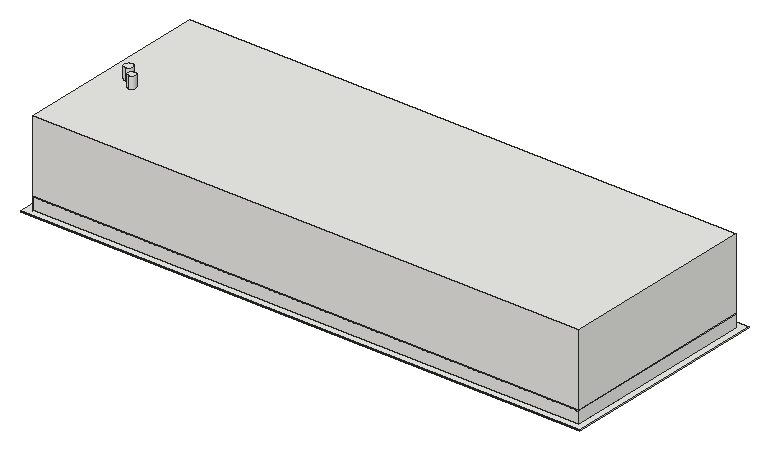
Revit family "AIRTECNICS_AIR CURTAIN_RECESSED WINDBOX_MG_DX_(MIDEA)_0", category Mechanical Equipment, Revit 2016
Family settings
  Part Type = Normal
  Round Connector Dimension = Use Diameter
  OmniClass Number = 23.75.70.21.17
  OmniClass Title = Air Curtains
  Work Plane-Based = No
  Always vertical = Yes
  Cut with Voids When Loaded = No
  Shared = No
  Room Calculation Point = No
Parameters (values of type "WINDBOX RECM 2000 DX16-MD")
  · PIPES POSITION · [instance] = "-/ Select Pipes Position /-"  # constant formula
  · OTHERS · [instance] = "-/ Select Supports - Inst.Maint. Space /-"  # constant formula
  · HEATING · = "-/ Heating /-"  # constant formula
  · EXTERNAL UNIT · [instance] = "-/ External Unit Type /-"  # constant formula
  · COIL ROWS · = "-/ DX Coil Rows /-"  # constant formula
  Weight [instance] = size_lookup(Name_Lookup_Data, "Weight", 1.00 kg, CM, CT, CH, CR)  # 122.00 kg
  WAn [instance] = 90.00°  # constant formula
  Voltage [instance] = 230 V  # constant formula
  URL_Manufacturer = "https://www.airtecnics.com"
  URL_Datasheet = "https://www.airtecnics.com/download/file/5882/recessed-windbox-dx-midea-1-1.pdf"
  Triple Phase (External Ut.) [instance] = yes
  Supports Length [instance] = 500.0 mm
  Supports (Horizontal) [instance] = no
  Single Phase (External Ut.) [instance] = not([Triple Phase (External Ut.)])  # no
  Revit Version = "Revit 2016 - English"  # constant formula
  Review Date = "11/18"  # constant formula
  Remote Control = "AIR-IR"  # constant formula
  Refrigerant Pipes_P4 [instance] = no
  Refrigerant Pipes_P3 [instance] = no
  Refrigerant Pipes_P2 [instance] = if(CW = 0, 1 = 1, 1 = 0)  # yes
  Refrigerant Pipes_P1 [instance] = no
  Product Size = if(CT = 2, "1000", if(CT = 4, "1500", if(CT = 8, "2000", if(CT = 16, "2500", if(CT = 32, "3000", "Consult Manufacturer")))))  # "2000"
  Product Reference [instance] = size_lookup(Name_Lookup_Ref, "", "Consult Manufacturer", CM, CT, CH, CR)  # "RECM 2000 DX16-MD"
  Product Heating [instance] = if(DX 1:1, "Direct Expansion 1:1 system", "Direct Expansion VRF system")  # "Direct Expansion 1:1 system"
  Product Description [instance] = size_lookup(Name_Lookup_Data, "", "Consult Manufacturer", CM, CT, CH, CR)  # "Energy saving heat pump air curtain: Up to 70% reduction in costs and CO2 emissions (heating mode).\r\nSelf-supporting casing construction made of galvanized steel plate, ready to be installed recessed in a false ceiling. \r\nInlet grille (free of maintenance) made with aluminium profiles and blow-out nozzle, integrated in a single white frame colour RAL 9016. Other colours are available on request.  Internal prefilter included.\r\nAnodized aluminium outlet vanes, airfoil shaped, adjustable in both directions.\r\nDouble-inlet centrifugal fans driven by an external rotor motor and low noise level. 5-speed selector. EC models assembled with very low consumption efficiency fans. \r\nIncludes only heating direct expansion coil with installed temperature sensors. Under request it can be modified to work in cooling and heating mode (not recomended) with optional condensate water pump.\r\nIncludes Plug&Play control with 7m RJ45 cable and infrared remote control. \r\nReady to connect to MIDEA Inverter outdoor heat pump unit (R410A) with expansion valve, not included, the customer should purchase it.\r\nRequires MIDEA DX Interface KIT adapted for air curtain and KJR-86C-E programmable control, please consult.\r\nAir Volume: 3280 m3/h \r\nFans:  0,284 kW  2,48 A 230Vx1 50/60Hz\r\nHeating capacity: 16,10 kW\r\nDimensions: 770x310x2050 mm (depth, height, length)\r\nNOT SUPPLIED BY AIRTÈCNICS:\r\nMIDEA Interface DX kit and KJR-86C-E programmable control.\r\nExternal unit:\r\nOption 1: MOD30U-48HFN1-QRD0\r\nExternal unit with direct expansion valve Midea, single phase motor 230Vx1 50Hz.\r\nHeating capacity 16,1kW. Heating power: 4,4kW. COP 3,65.\r\nCooling capacity 14,1kW. Cooling power 5,1kW. EER 2,76.\r\nCooling circuits 5/8\" - 3/8\".\r\nMaximum length 65m.\r\nDesnivell màxim 30m.\r\nOption 2: MOD30U-48HFN1-RRD0\r\nExternal unit with direct expansion valve Midea, triple phase motor 400Vx3 50Hz.\r\nHeating capacity 16,1kW. Heating power: 4,4kW. COP 3,65.\r\nCooling capacity 14,1kW. Cooling power 5,1kW. EER 2,76.\r\nCooling circuits 5/8\" - 3/8\".\r\nMaximum length 65m.\r\nDesnivell màxim 30m."
  Power Fans Factor [instance] = size_lookup(Name_Lookup_Data, "Power Fans Factor", 1, CM, CT, CH, CR)  # 0.5
  Power Fans [instance] = size_lookup(Name_Lookup_Data, "Power Fans", 1 kW, CM, CT, CH, CR)  # 0.284 kW
  Noise Level (dB(A)) [instance] = size_lookup(Name_Lookup_Data, "Noise Level (dB(A))", 1, CM, CT, CH, CR)  # 58
  Name_Lookup_Ref_EU = "R_WINDBOX_MG_(DX)_MD_Ref_EU_Lookup"  # constant formula
  Name_Lookup_Ref = "R_WINDBOX_MG_(DX)_MD_Ref_Lookup"  # constant formula
  Name_Lookup_Data3 = "R_WINDBOX_MG_(DX)_MD_ExpValve_Lookup"  # constant formula
  Name_Lookup_Data2 = "R_WINDBOX_MG_(DX)_MD_Mainfolds_Lookup"  # constant formula
  Name_Lookup_Data = "R_WINDBOX_MG_(DX)_MD_Data_Lookup"  # constant formula
  Material Inlet Grille [instance] = AIRTECNICS_White RAL 9016
  Material Curtain [instance] = AIRTECNICS_White RAL 9016
  Mainfolds [instance] = size_lookup(Name_Lookup_Data2, "", "Consult Manufacturer", CM, CT, CH, CR)  # "5/8 & 3/8"
  M = yes
  Li1 = 130.0 mm  # constant formula
  Length = if(CT = 2, 1050.0 mm, if(CT = 4, 1550.0 mm, if(CT = 8, 2050.0 mm, if(CT = 16, 2550.0 mm, L + 50.0 mm))))  # 2050.0 mm
  IfcExportType = "DXCOOLINGCOIL"  # constant formula
  IfcExportAs = "IfcCoilType"  # constant formula
  Height = 310.0 mm  # constant formula
  Heating Capacity [instance] = size_lookup(Name_Lookup_Data, "Heating Capacity", 1 kW, CM, CT, CH, CR)  # 16.1 kW
  Gas Coil Volume [instance] = size_lookup(Name_Lookup_Data, "Gas Coil Volume", 1.00 L, CM, CT, CH, CR)  # 3.10 L
  G = no
  Frequency = 50 Hz  # constant formula
  Fans Stage = 5  # constant formula
  Family Version = "1.0"  # constant formula
  External Ut. Reference [instance] = size_lookup(Name_Lookup_Ref_EU, "", "Consult Manufacturer", CM, CT, CH, CR, CEU)  # "MOD30U-48HFN1-RRD0"
  Expansion Valve [instance] = size_lookup(Name_Lookup_Data3, "", "Consult Manufacturer", CM, CT, CH, CR)  # "Included on External Unit"
  EC = yes
  Dn_Metric_Refrig_Liquid [instance] = size_lookup(Name_Lookup_Data2, "Dn_Liquid", 1 mm, CM, CT, CH, CR)  # 10 mm
  Dn_Metric_Refrig_Gas [instance] = size_lookup(Name_Lookup_Data2, "Dn_Gas", 1 mm, CM, CT, CH, CR)  # 16 mm
  Depth = 770.0 mm  # constant formula
  DX Kit [instance] = "Duct electronic Control Box"  # constant formula
  DX Controller [instance] = "KJR-86C-E"  # constant formula
  DX Coil Rows = 4 = no
  DX Coil Rows = 3 = not([DX Coil Rows = 4])  # yes
  DX Coil Rows [instance] = if(CR = 2, 4, if(CR = 4, 3, if(CR = 0, 2, 0)))  # 3
  DX 1:1 = yes
  Current Fans [instance] = size_lookup(Name_Lookup_Data, "Current Fans", 1 A, CM, CT, CH, CR)  # 2.48 A
  Created by = "BIMETRICAL"  # constant formula
  Control [instance] = "CD-5AW-IR"  # constant formula
  Capacity_Frig_Liquid [instance] = 0 m³/h
  Capacity_Frig_Gas [instance] = 0 m³/h
  Cable = "CB7"  # constant formula
  URL = "https://www.airtecnics.com/products/heat-pump-air-curtain-recessed-windbox-dx-for-midea"
  Model = "Air Curtain Recessed Windbox M,G DX MD"  # constant formula
  L = 2000.0 mm
  Type Image = <None>
  Manufacturer = "AIRTECNICS"  # constant formula
  Description = ""
  Type Comments = "Energy saving heat pump air curtain: Up to 70% reduction in costs and CO2 emissions (heating mode).\r\nSelf-supporting casing construction made of galvanized steel plate, ready to be installed recessed in a false ceiling. \r\nInlet grille (free of maintenance) made with aluminium profiles and blow-out nozzle, integrated in a single white frame colour RAL 9016. Other colours are available on request.  Internal prefilter included.\r\nAnodized aluminium outlet vanes, airfoil shaped, adjustable in both directions.\r\nDouble-inlet centrifugal fans driven by an external rotor motor and low noise level. 5-speed selector. EC models assembled with very low consumption efficiency fans. \r\nIncludes only heating direct expansion coil with installed temperature sensors. Under request it can be modified to work in cooling and heating mode (not recomended) with optional condensate water pump.\r\nIncludes Plug&Play control with 7m RJ45 cable and infrared remote control. \r\nReady to connect to MIDEA Inverter outdoor heat pump unit (R410A) with expansion valve, not included, the customer should purchase it.\r\nRequires  DX Interface KIT adapted for air curtain and  programmable control, please consult."  # constant formula
  CW [instance] = if(Refrigerant Pipes_P1, 2, 0) + if(Refrigerant Pipes_P3, 4, 0) + if(Refrigerant Pipes_P4, 8, 0)  # 0
  CT = if(L = 1000.0 mm, 2, 0) + if(L = 1500.0 mm, 4, 0) + if(L = 2000.0 mm, 8, 0) + if(L = 2500.0 mm, 16, 0) + if(L = 3000.0 mm, 32, 0)  # 8
  CR [instance] = if([DX Coil Rows = 4], 2, 0) + if([DX Coil Rows = 3], 4, 0)  # 4
  CM = if(M, 2, 0) + if(EC, 4, 0) + if(G, 8, 0)  # 6
  CH [instance] = 2  # constant formula
  CEU [instance] = if([Single Phase (External Ut.)], 2, 0) + if([Triple Phase (External Ut.)], 4, 0)  # 4
  BIMETRICAL Category = "Coil"  # constant formula
  BIMETRICAL = "http://www.bimetrical.com/"  # constant formula
  Aspiration/Maintenance Space [instance] = no
  Apparent Load [instance] = size_lookup(Name_Lookup_Data, "Apparent Load", 1 VA, CM, CT, CH, CR)  # 568 VA
  Airflow [instance] = size_lookup(Name_Lookup_Data, "Airflow", 1 m³/h, CM, CT, CH, CR)  # 3280 m³/h
Reference planes
  plane 1 "Centro (Frontal/Posterior)": z = 0
  plane 2: y = 246.57
  plane 3 "Centro (Izquierda/Derecha)": x = 0
Dimensions and locks
  nested 1 to plane 2 = 385.0 mm
Nested families
  nested 1: "GEOM_WINDBOX_P_RECESSED_DX" at (0, 130, 48), L <- "L", Support Length <- "Supports Length", Aspiration/Maintenance Space <- "Aspiration/Maintenance Space", CW <- "CW", Material Curtain <- "Material Curtain", Material Inlet Grille <- "Material Inlet Grille", ViHS <- "Supports (Horizontal)", type "Air curtain Recessed Windbox DX"
    with ViHSC no, ViHS no, Vi2 no, Vi1 yes, TI 9, Support Length 500.0 mm, Position Water pipes OUT connection "--------------------------------", Position Water pipes IN connection "--------------------------------", Material Inlet Grille AIRTECNICS_White RAL 9016, Material Curtain AIRTECNICS_White RAL 9016, LiS 760.0 mm, Li9 114.0 mm, Li8 0.0 mm, Li7 52.0 mm, Li6 720.0 mm, Li16 10.0 mm, Li15 10.0 mm, Li14 260.0 mm, Li13 76.0 mm, Li12 0.0 mm, Li11 85.0 mm, Li10 260.0 mm, L 2000.0 mm, D_Liquid 27.0 mm, D_Gas 31.0 mm, CW 0, Aspiration/Maintenance Space no, AnWCO 90.00°, AnWCI 90.00°
Connectors
  electrical at (859, 510.57, 308), driven by "Voltage", driven by "Apparent Load", driven by "Power Fans Factor", driven by "Apparent Load"
    settings: on nested 1, index 1, voltage 230 V, apparent load 568 VA, apparent load phase1 568 VA, apparent load phase2 0 VA, apparent load phase3 0 VA, power factor 0.5, load classification "HVAC", number of poles 1, system type 30, power factor state 1, is connector primary yes, connector utility no, sub classification motor no, connector description ""
  piping at (-924, 231.57, 348), diameter 16, driven by "Dn_Metric_Refrig_Gas", driven by "Capacity_Frig_Gas"
    settings: on nested 1, index 2, connector inside diameter 609.6 mm, connector length 0.0 mm, flow factor 0, pipe flow 0 m³/h, pressure drop 0.0 Pa, fitting loss kfactor 0, connector angle 0.00°, fixture units 0, engagement length 0.0 mm, angle of deflection 0.00°, flow configuration 1, flow direction 1, fitting loss method 0, system type 7, joint type 0, gender type 0, connector reference index -1, connector utility 0, adjustable connector no, is connector primary yes, connector description "(gas) refrigerant connection"
  piping at (-886, 198.57, 348), diameter 10, driven by "Dn_Metric_Refrig_Liquid", driven by "Capacity_Frig_Liquid"
    settings: on nested 1, index 3, connector inside diameter 609.6 mm, connector length 0.0 mm, flow factor 0, pipe flow 0 m³/h, pressure drop 0.0 Pa, fitting loss kfactor 0, connector angle 0.00°, fixture units 0, engagement length 0.0 mm, angle of deflection 0.00°, flow configuration 1, flow direction 2, fitting loss method 0, system type 8, joint type 0, gender type 0, connector reference index -1, connector utility 0, adjustable connector no, is connector primary no, connector description "(liquid) refrigerant connection"
Definition of nested family "GEOM_WINDBOX_P_RECESSED_DX"
  Parameters (values of type "Air curtain Recessed Windbox DX")
    ViHSC [instance] = if(and(ViHS, L > 1000.0 mm), 1 = 1, 1 = 0)  # no
    Vi2 [instance] = if(L = 2500.0 mm, 1 = 1, 1 = 0)  # yes
    Vi1 [instance] = not(Vi2)  # no
    TI [instance] = if(L = 1000.0 mm, 5, if(L = 1500.0 mm, 7, if(L = 2000.0 mm, 9, if(L = 2500.0 mm, 11, L / 200.0 mm))))  # 11
    Name_Lookup_WaterCoils = "R_WINDBOX_MG_DX_(P)_WaterCoil_Lookup"  # constant formula
    Material Outlet Grille = none
    Material II = none
    Material I = none
    Material Inlet Grille [instance] = none
    Li16 [instance] = if(CW = 2, 100.0 mm, 10.0 mm)  # 10.0 mm
    Li15 [instance] = if(CW = 8, 100.0 mm, 10.0 mm)  # 10.0 mm
    Li14 [instance] = size_lookup(Name_Lookup_WaterCoils, "Li14", 260.0 mm, CW)  # 260.0 mm
    Li13 [instance] = if(CW = 4, L - 114.0 mm, if(CW = 2, 1.0 mm, if(CW = 8, L - 1.0 mm, 76.0 mm)))  # 76.0 mm
    Li12 [instance] = size_lookup(Name_Lookup_WaterCoils, "Li12", 0.0 mm, CW)  # 0.0 mm
    Li11 [instance] = size_lookup(Name_Lookup_WaterCoils, "Li11", 85.0 mm, CW)  # 85.0 mm
    D_Liquid [instance] = 27.0 mm  # constant formula
    D_Gas [instance] = 31.0 mm  # constant formula
    CW [instance] = 0
    AnWCO [instance] = size_lookup(Name_Lookup_WaterCoils, "AnWCO", 90.00°, CW)  # 90.00°
    Position Water pipes IN connection [instance] = "--------------------------------"  # constant formula
    Position Water pipes OUT connection [instance] = "--------------------------------"  # constant formula
    ViHS [instance] = no
    Support Length [instance] = 500.0 mm
    AnWCI [instance] = size_lookup(Name_Lookup_WaterCoils, "AnWCI", 90.00°, CW)  # 90.00°
    LiS [instance] = Support Length + 260.0 mm  # 760.0 mm
    Revit Version = "Revit 2016 - English"  # constant formula
    Review Date = "11/18"  # constant formula
    Material Curtain [instance] = none
    Li9 [instance] = if(CW = 4, L - 76.0 mm, if(CW = 2, 1.0 mm, if(CW = 8, L - 1.0 mm, 114.0 mm)))  # 114.0 mm
    Li7 [instance] = size_lookup(Name_Lookup_WaterCoils, "Li7", 52.0 mm, CW)  # 52.0 mm
    Li6 [instance] = Depth  # 720.0 mm
    Li8 [instance] = size_lookup(Name_Lookup_WaterCoils, "Li8", 0.0 mm, CW)  # 0.0 mm
    Li10 [instance] = size_lookup(Name_Lookup_WaterCoils, "Li10", 260.0 mm, CW)  # 260.0 mm
    Family Version = "1.0"  # constant formula
    Depth = 720.0 mm  # constant formula
    Default Elevation = 1219.2 mm
    Created by = "BIMETRICAL"  # constant formula
    URL = "https://www.airtecnics.com/products/heat-pump-and-energy-saving-air-curtains"
    Model = "Air curtain Recessed Windbox DX"  # constant formula
    L [instance] = 2500.0 mm
    Type Image = (empty or 0)
    Manufacturer = "AIRTECNICS"  # constant formula
    Description = "AIRTECNICS_Air curtain Recessed Windbox DX"  # constant formula
    Type Comments = ""
    BIMETRICAL Category = "Fan"  # constant formula
    BIMETRICAL = "http://www.bimetrical.com/"  # constant formula
    Aspiration/Maintenance Space [instance] = no
  Reference planes
    plane 1 "Centro (Frontal/Posterior)": z = 0
    plane 2: y = 246.57
    plane 3 "Centro (Izquierda/Derecha)": x = 0
    plane 4: z = 260
    plane 5: y = 476.57
    plane 6: y = 16.57
    plane 7: x = -1250
    plane 8: x = 1250
    plane 9: x = -1210
    plane 10: x = 1210
    plane 11: y = 442.57
    plane 12: y = 145.57
    plane 13: y = -223.43
    plane 14: x = -1136
    plane 15 "P1-01": y = 68.57
    plane 16 "P1-02": z = 0
    plane 17 "P2-01": x = -1174
    plane 18 "P2-02": z = 0
    plane 19 "P2-03": y = 101.57
    plane 20: y = -243.43
    plane 21: y = 501.57
    plane 22: x = 1275
    plane 23: y = -268.43
    plane 24: z = -48
    plane 25: z = -50
    plane 26: x = 1248
    plane 27: x = -1248
    plane 28: x = -418.5
    plane 29: x = 418.5
    plane 30: x = -1203.5
    plane 31: x = 1203.5
    plane 32: x = -962.8
    plane 33: x = -722.1
    plane 34: x = -481.4
    plane 35: z = -250
    plane 36: y = -241.454
    plane 37: y = -9.53
    plane 38: x = 1335
    plane 39: x = -1425
    plane 40: x = -240.7
    plane 41: x = 0
    plane 42: x = 240.7
    plane 43: x = 481.4
    plane 44: x = 722.1
    plane 45: x = 962.8
  Forms (mm)
    Extrusion 1, solid, material <- "Material Inlet Grille"
      sketch origin (0, 0, -50) x (1, 0, 0) y (0, 1, 0)
        loop
          line (-1250, 476.57) -> (-1250, -243.43) -> (1250, -243.43) -> (1250, 476.57) -> (-1250, 476.57)
      from 0 to 50
    Extrusion 2, void, detail levels medium+fine
      sketch origin (0, 0, -50) x (1, 0, 0) y (0, 1, 0)
        loop
          line (-1249, 474.57) -> (-1249, 387.47) -> (1249, 387.47) -> (1249, 474.57) -> (-1249, 474.57)
      from 0 to 46
    Extrusion 3, solid, material <- "Material Curtain", not visible
      sketch origin (559.734, 0, 0) x (1, 0, 0) y (0, 1, 0)
        loop
          line (613.266, 405.57) -> (485.266, 405.57) -> (485.266, 355.57) -> (613.266, 355.57) -> (613.266, 405.57)
      from 260 to 259
    Extrusion 4, solid, visible <- "ViHS"
      sketch origin (0, 0, 0) x (1, 0, 0) y (0, 1, 0)
        loop
          circle (-1210, 442.57) r 3.375
      from 260 to 760 <- "LiS"
    Extrusion 5, solid, visible <- "ViHSC"
      sketch origin (1185, 0, 0) x (1, 0, 0) y (0, 1, 0)
        loop
          circle (-1185, 442.57) r 3.375
      from 260 to 760 <- "LiS"
    Extrusion 6, solid, visible <- "ViHS"
      sketch origin (2385, 0, 0) x (1, 0, 0) y (0, 1, 0)
        loop
          circle (-1175, 442.57) r 3.375
      from 260 to 760 <- "LiS"
    Extrusion 7, solid, visible <- "ViHSC"
      sketch origin (1185, -240, 0) x (1, 0, 0) y (0, 1, 0)
        loop
          circle (-1185, 385.57) r 3.375
      from 260 to 760 <- "LiS"
    Extrusion 8, solid, visible <- "ViHS"
      sketch origin (2344.293, -280.483, 0) x (1, 0, 0) y (0, 1, 0)
        loop
          circle (-1134.293, 426.053) r 3.375
      from 260 to 760 <- "LiS"
    Extrusion 9, solid, visible <- "ViHS"
      sketch origin (9.293, -280.483, 0) x (1, 0, 0) y (0, 1, 0)
        loop
          circle (-1219.293, 426.053) r 3.375
      from 260 to 760 <- "LiS"
    Extrusion 10, solid, visible <- "Aspiration/Maintenance Space"
      sketch origin (0, 0, -50) x (1, 0, 0) y (0, 1, 0)
        loop
          line (-1250, 476.57) -> (-1250, -243.43) -> (1250, -243.43) -> (1250, 476.57) -> (-1250, 476.57)
      from 310 to 410
    Extrusion 11, solid, visible <- "Aspiration/Maintenance Space"
      sketch origin (230, 246.57, 5) x (1, 0, 0) y (0, 0, 1)
        loop
          line (1020, 255) -> (1020, -53) -> (1030, -53) -> (1030, 255) -> (1020, 255)
      from -230 to 490
    Extrusion 12, solid, visible <- "Aspiration/Maintenance Space"
      sketch origin (-2520, 246.57, 5) x (1, 0, 0) y (0, 0, 1)
        loop
          line (1260, 255) -> (1260, -53) -> (1270, -53) -> (1270, 255) -> (1260, 255)
      from -230 to 490
    Extrusion 13, solid, visible <- "ViHSC"
      sketch origin (1185, -609, 0) x (1, 0, 0) y (0, 1, 0)
        loop
          circle (-1185, 385.57) r 3.375
      from 260 to 760 <- "LiS"
    Extrusion 14, solid, visible <- "ViHS"
      sketch origin (2344.293, -649.483, 0) x (1, 0, 0) y (0, 1, 0)
        loop
          circle (-1134.293, 426.053) r 3.375
      from 260 to 760 <- "LiS"
    Extrusion 15, solid, visible <- "ViHS"
      sketch origin (9.293, -649.483, 0) x (1, 0, 0) y (0, 1, 0)
        loop
          circle (-1219.293, 426.053) r 3.375
      from 260 to 760 <- "LiS"
    Extrusion 16, solid, material <- "Material Curtain"
      sketch origin (-1174, 101.57, 260) x (0, -1, 0) y (1, 0, 0)
        loop
          circle (0, 0) r 15.5
      from 0 to 40
    Extrusion 17, solid, material <- "Material Curtain"
      sketch origin (-1136, 68.57, 260) x (0, -1, 0) y (1, 0, 0)
        loop
          circle (0, 0) r 13.5
      from 0 to 40
    Extrusion 18, solid, material <- "Material Inlet Grille"
      sketch origin (-54.078, -166.435, -50) x (1, 0, 0) y (0, 1, 0)
        loop
          line (-1220.922, -101.996) -> (1329.078, -101.996) -> (1329.078, 668.004) -> (-1220.922, 668.004) -> (-1220.922, -101.996)
        loop
          line (-1195.922, -76.996) -> (1304.078, -76.996) -> (1304.078, 643.004) -> (-1195.922, 643.004) -> (-1195.922, -76.996)
      from 0 to 2
    Sweep 19, void
      path origin (0, 0, -50) x (1, 0, 0) y (0, 1, 0)
        loop
          line (-1250, 476.57) -> (-1250, -243.43) -> (1250, -243.43) -> (1250, 476.57) -> (-1250, 476.57)
      profile origin (0, 476.57, -50) x (0, 1, 0) y (0, 0, 1)
        loop
          line (0, 46) -> (0, 50) -> (-4, 50)
          arc (-4, 50) -> (-1.172, 48.828) -> (0, 46) r 4
    Extrusion 20, solid, material <- "Material Outlet Grille"
      sketch origin (0, 0, 0) x (0, 1, 0) y (0, 0, 1)
        loop
          line (452.413, -27.506) -> (455.591, -46.036)
          arc (455.591, -46.036) -> (457.07, -47.282) -> (458.548, -46.036) r 1.5
          line (458.548, -46.036) -> (461.726, -27.506)
          arc (461.726, -27.506) -> (457.07, -21.982) -> (452.413, -27.506) r 4.725
        loop
          arc (429.342, -46.036) -> (430.82, -47.282) -> (432.299, -46.036) r 1.5
          line (432.299, -46.036) -> (435.477, -27.506)
          arc (435.477, -27.506) -> (430.82, -21.982) -> (426.163, -27.506) r 4.725
          line (426.163, -27.506) -> (429.342, -46.036)
        loop
          arc (409.976, -27.506) -> (405.319, -21.982) -> (400.662, -27.506) r 4.725
          line (400.662, -27.506) -> (403.84, -46.036)
          arc (403.84, -46.036) -> (405.319, -47.282) -> (406.797, -46.036) r 1.5
          line (406.797, -46.036) -> (409.976, -27.506)
      from -1248 to 1248
    Extrusion 21, void, detail levels medium+fine
      sketch origin (0, -484.3, -50) x (1, 0, 0) y (0, 1, 0)
        loop
          line (-1249, 474.77) -> (-1249, 242.846) -> (1249, 242.846) -> (1249, 474.77) -> (-1249, 474.77)
      from 0 to 46
    Extrusion 22, solid, material <- "Material Curtain"
      sketch origin (0, 0, -50) x (1, 0, 0) y (0, 1, 0)
        loop
          line (-1250, 476.57) -> (-1250, -243.43) -> (1250, -243.43) -> (1250, 476.57) -> (-1250, 476.57)
      from 50 to 310
    Extrusion 23, solid, material <- "Material II", visible <- "Vi1"
      sketch origin (0, 0, 0) x (0, 1, 0) y (0, 0, 1)
        loop
          line (474.57, -4) -> (400.57, -4) -> (400.57, -47.504) -> (474.57, -47.504) -> (474.57, -4)
      from -7.5 to 7.5
    Extrusion 24, solid, material <- "Material I"
      sketch origin (1191.816, 0, 0) x (0, 1, 0) y (0, 0, 1)
        loop
          arc (402.126, -44.927) -> (403.13, -46.77) -> (405.096, -47.504) r 3
          line (405.096, -47.504) -> (431.043, -47.504)
          arc (431.043, -47.504) -> (433.022, -46.759) -> (434.017, -44.893) r 3
          line (434.017, -44.893) -> (437.046, -21.725)
          arc (437.046, -21.725) -> (436.086, -18.568) -> (433.08, -17.207) r 4
          line (433.08, -17.207) -> (403.059, -17.207)
          arc (403.059, -17.207) -> (400.04, -18.583) -> (399.098, -21.764) r 4
          line (399.098, -21.764) -> (402.126, -44.927)
      from 53.181 to 56.184
    Extrusion 25, solid, material <- "Material I", visible <- "Vi1"
      sketch origin (-45.681, 0, 0) x (0, 1, 0) y (0, 0, 1)
        loop
          arc (402.126, -44.927) -> (403.13, -46.77) -> (405.096, -47.504) r 3
          line (405.096, -47.504) -> (431.043, -47.504)
          arc (431.043, -47.504) -> (433.022, -46.759) -> (434.017, -44.893) r 3
          line (434.017, -44.893) -> (437.046, -21.725)
          arc (437.046, -21.725) -> (436.086, -18.568) -> (433.08, -17.207) r 4
          line (433.08, -17.207) -> (403.059, -17.207)
          arc (403.059, -17.207) -> (400.04, -18.583) -> (399.098, -21.764) r 4
          line (399.098, -21.764) -> (402.126, -44.927)
      from 53.181 to 56.184
    Extrusion 26, solid, material <- "Material I", visible <- "Vi1"
      sketch origin (-63.684, 0, 0) x (0, 1, 0) y (0, 0, 1)
        loop
          arc (402.126, -44.927) -> (403.13, -46.77) -> (405.096, -47.504) r 3
          line (405.096, -47.504) -> (431.043, -47.504)
          arc (431.043, -47.504) -> (433.022, -46.759) -> (434.017, -44.893) r 3
          line (434.017, -44.893) -> (437.046, -21.725)
          arc (437.046, -21.725) -> (436.086, -18.568) -> (433.08, -17.207) r 4
          line (433.08, -17.207) -> (403.059, -17.207)
          arc (403.059, -17.207) -> (400.04, -18.583) -> (399.098, -21.764) r 4
          line (399.098, -21.764) -> (402.126, -44.927)
      from 53.181 to 56.184
    Extrusion 27, solid, material <- "Material II", visible <- "Vi2", not visible
      sketch origin (0, 0, 0) x (0, 1, 0) y (0, 0, 1)
        loop
          line (474.57, -4) -> (400.57, -4) -> (400.57, -47.504) -> (474.57, -47.504) -> (474.57, -4)
      from -7.5 to 7.5
    Extrusion 28, solid, material <- "Material I", visible <- "Vi2", not visible
      sketch origin (-45.681, 0, 0) x (0, 1, 0) y (0, 0, 1)
        loop
          arc (402.126, -44.927) -> (403.13, -46.77) -> (405.096, -47.504) r 3
          line (405.096, -47.504) -> (431.043, -47.504)
          arc (431.043, -47.504) -> (433.022, -46.759) -> (434.017, -44.893) r 3
          line (434.017, -44.893) -> (437.046, -21.725)
          arc (437.046, -21.725) -> (436.086, -18.568) -> (433.08, -17.207) r 4
          line (433.08, -17.207) -> (403.059, -17.207)
          arc (403.059, -17.207) -> (400.04, -18.583) -> (399.098, -21.764) r 4
          line (399.098, -21.764) -> (402.126, -44.927)
      from 53.181 to 56.184
    Extrusion 29, solid, material <- "Material I", visible <- "Vi2", not visible
      sketch origin (-63.684, 0, 0) x (0, 1, 0) y (0, 0, 1)
        loop
          arc (402.126, -44.927) -> (403.13, -46.77) -> (405.096, -47.504) r 3
          line (405.096, -47.504) -> (431.043, -47.504)
          arc (431.043, -47.504) -> (433.022, -46.759) -> (434.017, -44.893) r 3
          line (434.017, -44.893) -> (437.046, -21.725)
          arc (437.046, -21.725) -> (436.086, -18.568) -> (433.08, -17.207) r 4
          line (433.08, -17.207) -> (403.059, -17.207)
          arc (403.059, -17.207) -> (400.04, -18.583) -> (399.098, -21.764) r 4
          line (399.098, -21.764) -> (402.126, -44.927)
      from 53.181 to 56.184
    Extrusion 30, solid, material <- "Material II", visible <- "Vi2"
      sketch origin (418.5, 0, 0) x (0, 1, 0) y (0, 0, 1)
        loop
          line (474.57, -4) -> (400.57, -4) -> (400.57, -47.504) -> (474.57, -47.504) -> (474.57, -4)
      from -7.5 to 7.5
    Extrusion 31, solid, material <- "Material I", visible <- "Vi2"
      sketch origin (372.819, 0, 0) x (0, 1, 0) y (0, 0, 1)
        loop
          arc (402.126, -44.927) -> (403.13, -46.77) -> (405.096, -47.504) r 3
          line (405.096, -47.504) -> (431.043, -47.504)
          arc (431.043, -47.504) -> (433.022, -46.759) -> (434.017, -44.893) r 3
          line (434.017, -44.893) -> (437.046, -21.725)
          arc (437.046, -21.725) -> (436.086, -18.568) -> (433.08, -17.207) r 4
          line (433.08, -17.207) -> (403.059, -17.207)
          arc (403.059, -17.207) -> (400.04, -18.583) -> (399.098, -21.764) r 4
          line (399.098, -21.764) -> (402.126, -44.927)
      from 53.181 to 56.184
    Extrusion 32, solid, material <- "Material I", visible <- "Vi2"
      sketch origin (354.816, 0, 0) x (0, 1, 0) y (0, 0, 1)
        loop
          arc (402.126, -44.927) -> (403.13, -46.77) -> (405.096, -47.504) r 3
          line (405.096, -47.504) -> (431.043, -47.504)
          arc (431.043, -47.504) -> (433.022, -46.759) -> (434.017, -44.893) r 3
          line (434.017, -44.893) -> (437.046, -21.725)
          arc (437.046, -21.725) -> (436.086, -18.568) -> (433.08, -17.207) r 4
          line (433.08, -17.207) -> (403.059, -17.207)
          arc (403.059, -17.207) -> (400.04, -18.583) -> (399.098, -21.764) r 4
          line (399.098, -21.764) -> (402.126, -44.927)
      from 53.181 to 56.184
    Extrusion 33, solid, visible <- "Vi1", not visible
      sketch origin (1185, 0, 0) x (1, 0, 0) y (0, 1, 0)
        loop
          circle (-1185, 442.57) r 3.375
      from 260 to 760 <- "LiS"
    Extrusion 34, solid, material <- "Material II", visible <- "Vi1", not visible
      sketch origin (0, 0, 0) x (0, 1, 0) y (0, 0, 1)
        loop
          line (474.57, -4) -> (400.57, -4) -> (400.57, -47.504) -> (474.57, -47.504) -> (474.57, -4)
      from -7.5 to 7.5
    Extrusion 35, solid, material <- "Material I", visible <- "Vi1", not visible
      sketch origin (-45.681, 0, 0) x (0, 1, 0) y (0, 0, 1)
        loop
          arc (402.126, -44.927) -> (403.13, -46.77) -> (405.096, -47.504) r 3
          line (405.096, -47.504) -> (431.043, -47.504)
          arc (431.043, -47.504) -> (433.022, -46.759) -> (434.017, -44.893) r 3
          line (434.017, -44.893) -> (437.046, -21.725)
          arc (437.046, -21.725) -> (436.086, -18.568) -> (433.08, -17.207) r 4
          line (433.08, -17.207) -> (403.059, -17.207)
          arc (403.059, -17.207) -> (400.04, -18.583) -> (399.098, -21.764) r 4
          line (399.098, -21.764) -> (402.126, -44.927)
      from 53.181 to 56.184
    Extrusion 36, solid, material <- "Material I", visible <- "Vi1", not visible
      sketch origin (-63.684, 0, 0) x (0, 1, 0) y (0, 0, 1)
        loop
          arc (402.126, -44.927) -> (403.13, -46.77) -> (405.096, -47.504) r 3
          line (405.096, -47.504) -> (431.043, -47.504)
          arc (431.043, -47.504) -> (433.022, -46.759) -> (434.017, -44.893) r 3
          line (434.017, -44.893) -> (437.046, -21.725)
          arc (437.046, -21.725) -> (436.086, -18.568) -> (433.08, -17.207) r 4
          line (433.08, -17.207) -> (403.059, -17.207)
          arc (403.059, -17.207) -> (400.04, -18.583) -> (399.098, -21.764) r 4
          line (399.098, -21.764) -> (402.126, -44.927)
      from 53.181 to 56.184
    Extrusion 37, solid, material <- "Material II", visible <- "Vi2"
      sketch origin (-418.5, 0, 0) x (0, 1, 0) y (0, 0, 1)
        loop
          line (474.57, -4) -> (400.57, -4) -> (400.57, -47.504) -> (474.57, -47.504) -> (474.57, -4)
      from -7.5 to 7.5
    Extrusion 38, solid, material <- "Material I", visible <- "Vi2"
      sketch origin (-464.181, 0, 0) x (0, 1, 0) y (0, 0, 1)
        loop
          arc (402.126, -44.927) -> (403.13, -46.77) -> (405.096, -47.504) r 3
          line (405.096, -47.504) -> (431.043, -47.504)
          arc (431.043, -47.504) -> (433.022, -46.759) -> (434.017, -44.893) r 3
          line (434.017, -44.893) -> (437.046, -21.725)
          arc (437.046, -21.725) -> (436.086, -18.568) -> (433.08, -17.207) r 4
          line (433.08, -17.207) -> (403.059, -17.207)
          arc (403.059, -17.207) -> (400.04, -18.583) -> (399.098, -21.764) r 4
          line (399.098, -21.764) -> (402.126, -44.927)
      from 53.181 to 56.184
    Extrusion 39, solid, material <- "Material I", visible <- "Vi2"
      sketch origin (-482.184, 0, 0) x (0, 1, 0) y (0, 0, 1)
        loop
          arc (402.126, -44.927) -> (403.13, -46.77) -> (405.096, -47.504) r 3
          line (405.096, -47.504) -> (431.043, -47.504)
          arc (431.043, -47.504) -> (433.022, -46.759) -> (434.017, -44.893) r 3
          line (434.017, -44.893) -> (437.046, -21.725)
          arc (437.046, -21.725) -> (436.086, -18.568) -> (433.08, -17.207) r 4
          line (433.08, -17.207) -> (403.059, -17.207)
          arc (403.059, -17.207) -> (400.04, -18.583) -> (399.098, -21.764) r 4
          line (399.098, -21.764) -> (402.126, -44.927)
      from 53.181 to 56.184
    Extrusion 40, solid, material <- "Material Outlet Grille"
      sketch origin (0, -232.43, -85.237) x (1, 0, 0) y (0, 0, 1)
        loop
          circle (-1203.5, 56.137) r 4
      from -222.9 to 5
    Extrusion 41, solid, material <- "Material Outlet Grille"
      sketch origin (2407, -232.43, -85.237) x (1, 0, 0) y (0, 0, 1)
        loop
          circle (-1203.5, 56.137) r 4
      from -222.9 to 5
    Extrusion 42, solid, material <- "Material Outlet Grille"
      sketch origin (240.7, -232.43, -85.237) x (1, 0, 0) y (0, 0, 1)
        loop
          circle (-1203.5, 56.137) r 4
      from -222.9 to 5
    Extrusion 43, solid, material <- "Material Outlet Grille"
      sketch origin (481.4, -232.43, -85.237) x (1, 0, 0) y (0, 0, 1)
        loop
          circle (-1203.5, 56.137) r 4
      from -222.9 to 5
    Extrusion 44, solid, material <- "Material Outlet Grille"
      sketch origin (722.1, -232.43, -85.237) x (1, 0, 0) y (0, 0, 1)
        loop
          circle (-1203.5, 56.137) r 4
      from -222.9 to 5
    Extrusion 45, solid, material <- "Material I"
      sketch origin (-1301.181, 0, 0) x (0, 1, 0) y (0, 0, 1)
        loop
          arc (402.126, -44.927) -> (403.13, -46.77) -> (405.096, -47.504) r 3
          line (405.096, -47.504) -> (431.043, -47.504)
          arc (431.043, -47.504) -> (433.022, -46.759) -> (434.017, -44.893) r 3
          line (434.017, -44.893) -> (437.046, -21.725)
          arc (437.046, -21.725) -> (436.086, -18.568) -> (433.08, -17.207) r 4
          line (433.08, -17.207) -> (403.059, -17.207)
          arc (403.059, -17.207) -> (400.04, -18.583) -> (399.098, -21.764) r 4
          line (399.098, -21.764) -> (402.126, -44.927)
      from 53.181 to 56.184
    Extrusion 46, solid, material <- "Material Inlet Grille"
      sketch origin (0, -150, 0) x (0, 1, 0) y (0, 0, 1)
        loop
          line (136.77, -33.656) -> (122.009, -45.189)
          arc (122.009, -45.189) -> (118.063, -47.263) -> (113.64, -47.821) r 12.5
          line (113.64, -47.821) -> (113.57, -49.119)
          arc (113.57, -49.119) -> (118.453, -48.503) -> (122.809, -46.213) r 13.8
          line (122.809, -46.213) -> (137.57, -34.681)
          arc (137.57, -34.681) -> (138.306, -33.772) -> (138.57, -32.632) r 2.6
          line (138.57, -32.632) -> (138.57, -23.9) -> (137.27, -23.9) -> (137.27, -32.632)
          arc (137.27, -32.632) -> (137.138, -33.202) -> (136.77, -33.656) r 1.3
        loop
          line (111.77, -33.656) -> (97.009, -45.189)
          arc (97.009, -45.189) -> (93.063, -47.263) -> (88.64, -47.821) r 12.5
          line (88.64, -47.821) -> (88.57, -49.119)
          arc (88.57, -49.119) -> (93.453, -48.503) -> (97.809, -46.213) r 13.8
          line (97.809, -46.213) -> (112.57, -34.681)
          arc (112.57, -34.681) -> (113.306, -33.772) -> (113.57, -32.632) r 2.6
          line (113.57, -32.632) -> (113.57, -23.9) -> (112.27, -23.9) -> (112.27, -32.632)
          arc (112.27, -32.632) -> (112.138, -33.202) -> (111.77, -33.656) r 1.3
        loop
          line (89.52, -33.656) -> (74.759, -45.189)
          arc (74.759, -45.189) -> (70.813, -47.263) -> (66.39, -47.821) r 12.5
          line (66.39, -47.821) -> (66.32, -49.119)
          arc (66.32, -49.119) -> (71.203, -48.503) -> (75.559, -46.213) r 13.8
          line (75.559, -46.213) -> (90.32, -34.681)
          arc (90.32, -34.681) -> (91.056, -33.772) -> (91.32, -32.632) r 2.6
          line (91.32, -32.632) -> (91.32, -23.9) -> (90.02, -23.9) -> (90.02, -32.632)
          arc (90.02, -32.632) -> (89.888, -33.202) -> (89.52, -33.656) r 1.3
        loop
          line (67.27, -33.656) -> (52.509, -45.189)
          arc (52.509, -45.189) -> (48.563, -47.263) -> (44.14, -47.821) r 12.5
          line (44.14, -47.821) -> (44.07, -49.119)
          arc (44.07, -49.119) -> (48.953, -48.503) -> (53.309, -46.213) r 13.8
          line (53.309, -46.213) -> (68.07, -34.681)
          arc (68.07, -34.681) -> (68.806, -33.772) -> (69.07, -32.632) r 2.6
          line (69.07, -32.632) -> (69.07, -23.9) -> (67.77, -23.9) -> (67.77, -32.632)
          arc (67.77, -32.632) -> (67.638, -33.202) -> (67.27, -33.656) r 1.3
        loop
          line (45.02, -33.656) -> (30.259, -45.189)
          arc (30.259, -45.189) -> (26.313, -47.263) -> (21.89, -47.821) r 12.5
          line (21.89, -47.821) -> (21.82, -49.119)
          arc (21.82, -49.119) -> (26.703, -48.503) -> (31.059, -46.213) r 13.8
          line (31.059, -46.213) -> (45.82, -34.681)
          arc (45.82, -34.681) -> (46.556, -33.772) -> (46.82, -32.632) r 2.6
          line (46.82, -32.632) -> (46.82, -23.9) -> (45.52, -23.9) -> (45.52, -32.632)
          arc (45.52, -32.632) -> (45.388, -33.202) -> (45.02, -33.656) r 1.3
        loop
          line (22.77, -33.656) -> (8.009, -45.189)
          arc (8.009, -45.189) -> (4.063, -47.263) -> (-0.36, -47.821) r 12.5
          line (-0.36, -47.821) -> (-0.43, -49.119)
          arc (-0.43, -49.119) -> (4.453, -48.503) -> (8.809, -46.213) r 13.8
          line (8.809, -46.213) -> (23.57, -34.681)
          arc (23.57, -34.681) -> (24.306, -33.772) -> (24.57, -32.632) r 2.6
          line (24.57, -32.632) -> (24.57, -23.9) -> (23.27, -23.9) -> (23.27, -32.632)
          arc (23.27, -32.632) -> (23.138, -33.202) -> (22.77, -33.656) r 1.3
        loop
          line (2.32, -32.632) -> (2.32, -23.9) -> (1.02, -23.9) -> (1.02, -32.632)
          arc (1.02, -32.632) -> (0.888, -33.202) -> (0.52, -33.656) r 1.3
          line (0.52, -33.656) -> (-14.241, -45.189)
          arc (-14.241, -45.189) -> (-18.187, -47.263) -> (-22.61, -47.821) r 12.5
          line (-22.61, -47.821) -> (-22.68, -49.119)
          arc (-22.68, -49.119) -> (-17.797, -48.503) -> (-13.441, -46.213) r 13.8
          line (-13.441, -46.213) -> (1.32, -34.681)
          arc (1.32, -34.681) -> (2.056, -33.772) -> (2.32, -32.632) r 2.6
        loop
          line (-21.73, -33.656) -> (-36.491, -45.189)
          arc (-36.491, -45.189) -> (-40.437, -47.263) -> (-44.86, -47.821) r 12.5
          line (-44.86, -47.821) -> (-44.93, -49.119)
          arc (-44.93, -49.119) -> (-40.047, -48.503) -> (-35.691, -46.213) r 13.8
          line (-35.691, -46.213) -> (-20.93, -34.681)
          arc (-20.93, -34.681) -> (-20.194, -33.772) -> (-19.93, -32.632) r 2.6
          line (-19.93, -32.632) -> (-19.93, -23.9) -> (-21.23, -23.9) -> (-21.23, -32.632)
          arc (-21.23, -32.632) -> (-21.362, -33.202) -> (-21.73, -33.656) r 1.3
        loop
          line (-43.98, -33.656) -> (-58.741, -45.189)
          arc (-58.741, -45.189) -> (-62.687, -47.263) -> (-67.11, -47.821) r 12.5
          line (-67.11, -47.821) -> (-67.18, -49.119)
          arc (-67.18, -49.119) -> (-62.297, -48.503) -> (-57.941, -46.213) r 13.8
          line (-57.941, -46.213) -> (-43.18, -34.681)
          arc (-43.18, -34.681) -> (-42.444, -33.772) -> (-42.18, -32.632) r 2.6
          line (-42.18, -32.632) -> (-42.18, -23.9) -> (-43.48, -23.9) -> (-43.48, -32.632)
          arc (-43.48, -32.632) -> (-43.612, -33.202) -> (-43.98, -33.656) r 1.3
        loop
          line (-66.23, -33.656) -> (-80.991, -45.189)
          arc (-80.991, -45.189) -> (-84.937, -47.263) -> (-89.36, -47.821) r 12.5
          line (-89.36, -47.821) -> (-89.43, -49.119)
          arc (-89.43, -49.119) -> (-84.547, -48.503) -> (-80.191, -46.213) r 13.8
          line (-80.191, -46.213) -> (-65.43, -34.681)
          arc (-65.43, -34.681) -> (-64.694, -33.772) -> (-64.43, -32.632) r 2.6
          line (-64.43, -32.632) -> (-64.43, -23.9) -> (-65.73, -23.9) -> (-65.73, -32.632)
          arc (-65.73, -32.632) -> (-65.862, -33.202) -> (-66.23, -33.656) r 1.3
      from -1248 to 1248
    Extrusion 47, solid, visible <- "Aspiration/Maintenance Space"
      sketch origin (0, 0, -590) x (1, 0, 0) y (0, 1, 0)
        loop
          line (-1248, -9.53) -> (-1248, -241.454) -> (1248, -241.454) -> (1248, -9.53) -> (-1248, -9.53)
      from 340 to 540
    Extrusion 48, solid, material <- "Material Outlet Grille"
      sketch origin (962.8, -232.43, -85.237) x (1, 0, 0) y (0, 0, 1)
        loop
          circle (-1203.5, 56.137) r 4
      from -222.9 to 5
    Extrusion 49, solid, material <- "Material Outlet Grille"
      sketch origin (1203.5, -232.43, -85.237) x (1, 0, 0) y (0, 0, 1)
        loop
          circle (-1203.5, 56.137) r 4
      from -222.9 to 5
    Extrusion 50, solid, material <- "Material Outlet Grille"
      sketch origin (1444.2, -232.43, -85.237) x (1, 0, 0) y (0, 0, 1)
        loop
          circle (-1203.5, 56.137) r 4
      from -222.9 to 5
    Extrusion 51, solid, material <- "Material Outlet Grille"
      sketch origin (1684.9, -232.43, -85.237) x (1, 0, 0) y (0, 0, 1)
        loop
          circle (-1203.5, 56.137) r 4
      from -222.9 to 5
    Extrusion 52, solid, material <- "Material Outlet Grille"
      sketch origin (1925.6, -232.43, -85.237) x (1, 0, 0) y (0, 0, 1)
        loop
          circle (-1203.5, 56.137) r 4
      from -222.9 to 5
    Extrusion 53, solid, material <- "Material Outlet Grille"
      sketch origin (2166.3, -232.43, -85.237) x (1, 0, 0) y (0, 0, 1)
        loop
          circle (-1203.5, 56.137) r 4
      from -222.9 to 5
  Cuts and joins
    Extrusion 2, Sweep 19, Extrusion 21 cuts Extrusion 1
    Extrusion 21 cuts Extrusion 18
    joined: Extrusion 1, Extrusion 18
  Lines and regions (mm)
    reference lines
      curve 1: line (-1136, 68.57, 0) -> (-1136, 68.57, 260)
      curve 2: line (-1174, 101.57, 0) -> (-1174, 101.57, 260)
  Dimensions and locks
    locked: plane 4 to plane 1 "Centro (Frontal/Posterior)" at 260
    equal spacing: plane 7, plane 3 "Centro (Izquierda/Derecha)", plane 8
    equal spacing: plane 5, plane 2, plane 6
    "L": plane 7 to plane 8
    locked: plane 5 to plane 6 at 460
    plane 1 "Centro (Frontal/Posterior)" to cut or joined group of Extrusion 1, Extrusion 2, Extrusion 18, Sweep 19, Extrusion 21 = 4.0 mm
    locked: plane 7 to plane 9 at 40
    locked: plane 10 to plane 8 at 40
    plane 5 to Extrusion 2 sketch curve = 2.0 mm
    Extrusion 2 sketch curve to plane 8 = 1.0 mm
    plane 7 to Extrusion 2 sketch curve = 1.0 mm
    "Li6": plane 5 to Extrusion 1 sketch curve
    Extrusion 3 sketch curve to plane 8 = 77.0 mm
    plane 5 to Extrusion 3 sketch curve = 71.0 mm
    Extrusion 3 sketch curve to Extrusion 3 sketch curve = 50.0 mm
    Extrusion 3 sketch curve to Extrusion 3 sketch curve = 128.0 mm
    locked: plane 5 to plane 11 at 34
    plane 5 to Extrusion 10 sketch curve = 720.0 mm
    locked: Extrusion 10 to plane 4 at 100
    Extrusion 11 sketch curve to Extrusion 11 sketch curve = 308.0 mm
    Extrusion 12 sketch curve to Extrusion 12 sketch curve = 308.0 mm
    "Li16": Extrusion 12 to Extrusion 12
    "Depth": plane 5 to Extrusion 11
    "Depth": plane 5 to Extrusion 12
    locked: plane 6 to plane 12 at 129
    locked: plane 12 to plane 13 at 369
    "Li9": plane 7 to plane 14
    "Li7": plane 15 "P1-01" to plane 6
    "Li8": plane 1 "Centro (Frontal/Posterior)" to plane 16 "P1-02"
    "Li10": curve 1 to curve 1
    "Li13": plane 7 to plane 17 "P2-01"
    "Li11": plane 19 "P2-03" to plane 6
    "Li12": plane 1 "Centro (Frontal/Posterior)" to plane 18 "P2-02"
    "Li14": curve 2 to curve 2
    locked: plane 6 to plane 20 at 260
    locked: plane 21 to plane 5 at 25
    locked: plane 8 to plane 22 at 25
    locked: plane 20 to plane 23 at 25
    locked: plane 24 to plane 25 at 2
    locked: plane 24 to plane 1 "Centro (Frontal/Posterior)" at 48
    locked: Extrusion 20 to plane 25 at 3.964
    locked: plane 21 to Extrusion 20 at 97.729
    locked: plane 26 to plane 8 at 2
    locked: plane 7 to plane 27 at 2
    locked: Extrusion 24 to plane 26 at 3.003
    equal spacing: Extrusion 23, plane 3 "Centro (Izquierda/Derecha)", Extrusion 23
    equal spacing: plane 28, plane 3 "Centro (Izquierda/Derecha)", plane 29
    locked: plane 28 to plane 3 "Centro (Izquierda/Derecha)" at 418.5
    locked: plane 28 to Extrusion 37 at 7.5
    locked: plane 29 to Extrusion 30 at 7.5
    equal spacing: group 5, group 7, group 8, group 9, group 10, group 11, group 12, group 13, group 14, group 15, group 6  (x3)
    locked: plane 31 to plane 22 at 71.5
    locked: plane 27 to Extrusion 45 at 3.003
    plane 25 to plane 35 = 200.0 mm
    locked: plane 37 to plane 6 at 26.1
    locked: plane 20 to plane 36 at 1.976
    "Li15": plane 8 to Extrusion 11
    locked: plane 30 to plane 7 at 46.5
    radius of Extrusion 4 sketch curve = 3.375 mm
    radius of Extrusion 5 sketch curve = 3.375 mm
    radius of Extrusion 6 sketch curve = 3.375 mm
    radius of Extrusion 7 sketch curve = 3.375 mm
    radius of Extrusion 8 sketch curve = 3.375 mm
    radius of Extrusion 9 sketch curve = 3.375 mm
    radius of Extrusion 13 sketch curve = 3.375 mm
    radius of Extrusion 14 sketch curve = 3.375 mm
    radius of Extrusion 15 sketch curve = 3.375 mm
    "D_Liquid": diameter of Extrusion 17 sketch curve
    "D_Gas": diameter of Extrusion 16 sketch curve
    radius of Sweep 19 sketch curve = 4.0 mm
    radius of Extrusion 33 sketch curve = 3.375 mm
    radius of Extrusion 40 sketch curve = 4.0 mm
    radius of Extrusion 41 sketch curve = 4.0 mm
    radius of Extrusion 42 sketch curve = 4.0 mm
    radius of Extrusion 43 sketch curve = 4.0 mm
    radius of Extrusion 44 sketch curve = 4.0 mm
    radius of Extrusion 48 sketch curve = 4.0 mm
    radius of Extrusion 49 sketch curve = 4.0 mm
    radius of Extrusion 50 sketch curve = 4.0 mm
    radius of Extrusion 51 sketch curve = 4.0 mm
    radius of Extrusion 52 sketch curve = 4.0 mm
    radius of Extrusion 53 sketch curve = 4.0 mm
    "AnWCI": angle curve 1 to plane 16 "P1-02"
    "AnWCO": angle curve 2 to plane 18 "P2-02"
    aligned and locked: Extrusion 1 sketch curve to plane 5
    aligned and locked: plane 7 to Extrusion 1 sketch curve
    aligned and locked: plane 8 to Extrusion 1 sketch curve
    aligned and locked: Extrusion 4 to plane 4
    aligned and locked: plane 9 to Extrusion 4 sketch curve
    aligned and locked: plane 10 to Extrusion 6 sketch curve
    aligned and locked: plane 11 to Extrusion 6 sketch curve
    aligned and locked: plane 9 to Extrusion 9 sketch curve
    aligned and locked: plane 12 to Extrusion 9 sketch curve
    aligned and locked: plane 12 to Extrusion 7 sketch curve
    aligned and locked: plane 10 to Extrusion 8 sketch curve
    aligned and locked: plane 12 to Extrusion 8 sketch curve
    aligned and locked: Extrusion 6 to plane 4
    aligned and locked: Extrusion 8 to plane 4
    aligned and locked: Extrusion 5 to plane 4
    aligned and locked: Extrusion 7 to plane 4
    aligned and locked: Extrusion 9 to plane 4
    aligned and locked: Extrusion 10 sketch curve to plane 5
    aligned and locked: plane 7 to Extrusion 10 sketch curve
    aligned and locked: plane 8 to Extrusion 10 sketch curve
    aligned and locked: Extrusion 10 to plane 4
    aligned and locked: plane 4 to Extrusion 11
    aligned and locked: plane 8 to Extrusion 11
    aligned and locked: plane 5 to Extrusion 11
    aligned and locked: plane 4 to Extrusion 12
    aligned and locked: plane 7 to Extrusion 12
    aligned and locked: plane 5 to Extrusion 12
    aligned and locked: plane 13 to Extrusion 14 sketch curve
    aligned and locked: plane 10 to Extrusion 14 sketch curve
    aligned and locked: plane 13 to Extrusion 13 sketch curve
    aligned and locked: plane 3 "Centro (Izquierda/Derecha)" to Extrusion 13 sketch curve
    aligned and locked: plane 9 to Extrusion 15 sketch curve
    aligned and locked: plane 13 to Extrusion 15 sketch curve
    aligned and locked: Extrusion 14 to plane 4
    aligned and locked: Extrusion 13 to plane 4
    aligned and locked: Extrusion 15 to plane 4
    aligned and locked: plane 16 "P1-02" to curve 1
    aligned and locked: plane 14 to curve 1
    aligned and locked: plane 18 "P2-02" to curve 2
    aligned and locked: plane 17 "P2-01" to curve 2
    aligned and locked: Extrusion 10 to plane 20
    aligned and locked: cut or joined group of Extrusion 1, Extrusion 2, Extrusion 18, Sweep 19, Extrusion 21 to plane 20
    aligned and locked: Extrusion 18 sketch curve to plane 23
    aligned and locked: plane 21 to Extrusion 18 sketch curve
    aligned and locked: Extrusion 18 sketch curve to plane 22
    aligned and locked: Extrusion 18 sketch curve to plane 8
    aligned and locked: plane 5 to Extrusion 18 sketch curve
    aligned and locked: Extrusion 18 sketch curve to plane 20
    aligned and locked: Extrusion 18 sketch curve to plane 7
    aligned and locked: plane 24 to Extrusion 18
    aligned and locked: Extrusion 12 to plane 24
    aligned and locked: Extrusion 11 to plane 24
    aligned and locked: level to plane 25
    aligned and locked: cut or joined group of Extrusion 1, Extrusion 2, Extrusion 18, Sweep 19, Extrusion 21 to level
    aligned and locked: cut or joined group of Extrusion 1, Extrusion 2, Extrusion 18, Sweep 19, Extrusion 21 to plane 25
    aligned and locked: plane 7 to Sweep 19 sketch curve
    aligned and locked: plane 20 to Sweep 19 sketch curve
    aligned and locked: Sweep 19 sketch curve to plane 5  (x2)
    aligned and locked: plane 8 to Sweep 19 sketch curve
    aligned and locked: plane 1 "Centro (Frontal/Posterior)" to Sweep 19 sketch curve
    aligned and locked: Extrusion 20 to plane 26
    aligned and locked: Extrusion 20 to plane 27
    aligned and locked: cut or joined group of Extrusion 1, Extrusion 2, Extrusion 18, Sweep 19, Extrusion 21 to plane 1 "Centro (Frontal/Posterior)"
    aligned and locked: plane 8 to Extrusion 22 sketch curve
    aligned and locked: Extrusion 22 sketch curve to plane 5
    aligned and locked: plane 7 to Extrusion 22 sketch curve
    aligned and locked: plane 20 to Extrusion 22 sketch curve
    aligned and locked: plane 4 to Extrusion 22
    aligned and locked: plane 1 "Centro (Frontal/Posterior)" to Extrusion 22
    aligned and locked: Extrusion 24 to plane 26
    aligned and locked: plane 30 to Extrusion 40 sketch curve
    aligned and locked: plane 31 to Extrusion 41 sketch curve
    aligned and locked: plane 32 to Extrusion 42 sketch curve
    aligned and locked: plane 33 to Extrusion 43 sketch curve
    aligned and locked: plane 34 to Extrusion 44 sketch curve
    aligned and locked: Extrusion 45 to plane 27
    aligned and locked: Extrusion 46 to plane 26
    aligned and locked: Extrusion 46 to plane 27
    aligned and locked: plane 25 to Extrusion 47
    aligned and locked: Extrusion 47 to plane 35
    aligned and locked: Extrusion 47 to cut or joined group of Extrusion 1, Extrusion 2, Extrusion 18, Sweep 19, Extrusion 21
    aligned and locked: Extrusion 47 to plane 27
    aligned and locked: Extrusion 47 to plane 26
    aligned and locked: plane 37 to cut or joined group of Extrusion 1, Extrusion 2, Extrusion 18, Sweep 19, Extrusion 21
    aligned and locked: plane 36 to Extrusion 21 sketch curve
    aligned and locked: Extrusion 21 sketch curve to plane 37
    aligned and locked: plane 40 to Extrusion 48 sketch curve
    aligned and locked: plane 41 to Extrusion 49 sketch curve
    aligned and locked: plane 42 to Extrusion 50 sketch curve
    aligned and locked: plane 43 to Extrusion 51 sketch curve
    aligned and locked: plane 44 to Extrusion 52 sketch curve
    aligned and locked: plane 45 to Extrusion 53 sketch curve
  Automatic sketch dimensions
    Extrusion 25 sketch curve to Extrusion 25 sketch curve = 3.028 mm
    Extrusion 25 sketch curve to Extrusion 25 sketch curve = 3.961 mm
    Extrusion 25 sketch curve to Extrusion 25 sketch curve = 2.97 mm
    Extrusion 25 sketch curve to Extrusion 25 sketch curve = 2.975 mm
    Extrusion 25 sketch curve to Extrusion 25 sketch curve = 0.557 mm
    Extrusion 25 sketch curve to Extrusion 25 sketch curve = 4.0 mm
    Extrusion 25 sketch curve to Extrusion 25 sketch curve = 3.966 mm
    Extrusion 25 sketch curve to Extrusion 25 sketch curve = 0.0 mm  (x2)
    Extrusion 26 sketch curve to Extrusion 26 sketch curve = 3.028 mm
    Extrusion 26 sketch curve to Extrusion 26 sketch curve = 3.961 mm
    Extrusion 26 sketch curve to Extrusion 26 sketch curve = 2.97 mm
    Extrusion 26 sketch curve to Extrusion 26 sketch curve = 2.975 mm
    Extrusion 26 sketch curve to Extrusion 26 sketch curve = 0.557 mm
    Extrusion 26 sketch curve to Extrusion 26 sketch curve = 4.0 mm
    Extrusion 26 sketch curve to Extrusion 26 sketch curve = 3.966 mm
    Extrusion 26 sketch curve to Extrusion 26 sketch curve = 0.0 mm  (x2)
    Extrusion 25 sketch curve to Extrusion 25 sketch curve = 25.946 mm
    Extrusion 25 sketch curve to Extrusion 25 sketch curve = 2.037 mm
    Extrusion 25 sketch curve to Extrusion 25 sketch curve = 2.578 mm
    Extrusion 25 sketch curve to Extrusion 25 sketch curve = 2.611 mm
    Extrusion 25 sketch curve to Extrusion 25 sketch curve = 23.162 mm
    Extrusion 26 sketch curve to Extrusion 26 sketch curve = 25.946 mm
    Extrusion 26 sketch curve to Extrusion 26 sketch curve = 2.037 mm
    Extrusion 26 sketch curve to Extrusion 26 sketch curve = 2.578 mm
    Extrusion 26 sketch curve to Extrusion 26 sketch curve = 2.611 mm
    Extrusion 26 sketch curve to Extrusion 26 sketch curve = 23.162 mm
    Extrusion 28 sketch curve to Extrusion 28 sketch curve = 3.028 mm
    Extrusion 28 sketch curve to Extrusion 28 sketch curve = 3.961 mm
    Extrusion 28 sketch curve to Extrusion 28 sketch curve = 2.97 mm
    Extrusion 28 sketch curve to Extrusion 28 sketch curve = 2.975 mm
    Extrusion 28 sketch curve to Extrusion 28 sketch curve = 0.557 mm
    Extrusion 28 sketch curve to Extrusion 28 sketch curve = 4.0 mm
    Extrusion 28 sketch curve to Extrusion 28 sketch curve = 3.966 mm
    Extrusion 28 sketch curve to Extrusion 28 sketch curve = 0.0 mm  (x2)
    Extrusion 29 sketch curve to Extrusion 29 sketch curve = 3.028 mm
    Extrusion 29 sketch curve to Extrusion 29 sketch curve = 3.961 mm
    Extrusion 29 sketch curve to Extrusion 29 sketch curve = 2.97 mm
    Extrusion 29 sketch curve to Extrusion 29 sketch curve = 2.975 mm
    Extrusion 29 sketch curve to Extrusion 29 sketch curve = 0.557 mm
    Extrusion 29 sketch curve to Extrusion 29 sketch curve = 4.0 mm
    Extrusion 29 sketch curve to Extrusion 29 sketch curve = 3.966 mm
    Extrusion 29 sketch curve to Extrusion 29 sketch curve = 0.0 mm  (x2)
    Extrusion 28 sketch curve to Extrusion 28 sketch curve = 25.946 mm
    Extrusion 28 sketch curve to Extrusion 28 sketch curve = 2.037 mm
    Extrusion 28 sketch curve to Extrusion 28 sketch curve = 2.578 mm
    Extrusion 28 sketch curve to Extrusion 28 sketch curve = 2.611 mm
    Extrusion 28 sketch curve to Extrusion 28 sketch curve = 23.162 mm
    Extrusion 29 sketch curve to Extrusion 29 sketch curve = 25.946 mm
    Extrusion 29 sketch curve to Extrusion 29 sketch curve = 2.037 mm
    Extrusion 29 sketch curve to Extrusion 29 sketch curve = 2.578 mm
    Extrusion 29 sketch curve to Extrusion 29 sketch curve = 2.611 mm
    Extrusion 29 sketch curve to Extrusion 29 sketch curve = 23.162 mm
    Extrusion 31 sketch curve to Extrusion 31 sketch curve = 3.028 mm
    Extrusion 31 sketch curve to Extrusion 31 sketch curve = 3.961 mm
    Extrusion 31 sketch curve to Extrusion 31 sketch curve = 2.97 mm
    Extrusion 31 sketch curve to Extrusion 31 sketch curve = 2.975 mm
    Extrusion 31 sketch curve to Extrusion 31 sketch curve = 0.557 mm
    Extrusion 31 sketch curve to Extrusion 31 sketch curve = 4.0 mm
    Extrusion 31 sketch curve to Extrusion 31 sketch curve = 3.966 mm
    Extrusion 31 sketch curve to Extrusion 31 sketch curve = 0.0 mm  (x2)
    Extrusion 32 sketch curve to Extrusion 32 sketch curve = 3.028 mm
    Extrusion 32 sketch curve to Extrusion 32 sketch curve = 3.961 mm
    Extrusion 32 sketch curve to Extrusion 32 sketch curve = 2.97 mm
    Extrusion 32 sketch curve to Extrusion 32 sketch curve = 2.975 mm
    Extrusion 32 sketch curve to Extrusion 32 sketch curve = 0.557 mm
    Extrusion 32 sketch curve to Extrusion 32 sketch curve = 4.0 mm
    Extrusion 32 sketch curve to Extrusion 32 sketch curve = 3.966 mm
    Extrusion 32 sketch curve to Extrusion 32 sketch curve = 0.0 mm  (x2)
    Extrusion 31 sketch curve to Extrusion 31 sketch curve = 25.946 mm
    Extrusion 31 sketch curve to Extrusion 31 sketch curve = 2.037 mm
    Extrusion 31 sketch curve to Extrusion 31 sketch curve = 2.578 mm
    Extrusion 31 sketch curve to Extrusion 31 sketch curve = 2.611 mm
    Extrusion 31 sketch curve to Extrusion 31 sketch curve = 23.162 mm
    Extrusion 32 sketch curve to Extrusion 32 sketch curve = 25.946 mm
    Extrusion 32 sketch curve to Extrusion 32 sketch curve = 2.037 mm
    Extrusion 32 sketch curve to Extrusion 32 sketch curve = 2.578 mm
    Extrusion 32 sketch curve to Extrusion 32 sketch curve = 2.611 mm
    Extrusion 32 sketch curve to Extrusion 32 sketch curve = 23.162 mm
    Extrusion 23 sketch curve to Extrusion 23 sketch curve = 74.0 mm
    Extrusion 23 sketch curve to Extrusion 23 sketch curve = 43.504 mm
    Extrusion 35 sketch curve to Extrusion 35 sketch curve = 3.028 mm
    Extrusion 35 sketch curve to Extrusion 35 sketch curve = 3.961 mm
    Extrusion 35 sketch curve to Extrusion 35 sketch curve = 2.97 mm
    Extrusion 35 sketch curve to Extrusion 35 sketch curve = 2.975 mm
    Extrusion 35 sketch curve to Extrusion 35 sketch curve = 0.557 mm
    Extrusion 35 sketch curve to Extrusion 35 sketch curve = 4.0 mm
    Extrusion 35 sketch curve to Extrusion 35 sketch curve = 3.966 mm
    Extrusion 35 sketch curve to Extrusion 35 sketch curve = 0.0 mm  (x2)
    Extrusion 36 sketch curve to Extrusion 36 sketch curve = 3.028 mm
    Extrusion 36 sketch curve to Extrusion 36 sketch curve = 3.961 mm
    Extrusion 36 sketch curve to Extrusion 36 sketch curve = 2.97 mm
    Extrusion 36 sketch curve to Extrusion 36 sketch curve = 2.975 mm
    Extrusion 36 sketch curve to Extrusion 36 sketch curve = 0.557 mm
    Extrusion 36 sketch curve to Extrusion 36 sketch curve = 4.0 mm
    Extrusion 36 sketch curve to Extrusion 36 sketch curve = 3.966 mm
    Extrusion 36 sketch curve to Extrusion 36 sketch curve = 0.0 mm  (x2)
    Extrusion 35 sketch curve to Extrusion 35 sketch curve = 25.946 mm
    Extrusion 35 sketch curve to Extrusion 35 sketch curve = 2.037 mm
    Extrusion 35 sketch curve to Extrusion 35 sketch curve = 2.578 mm
    Extrusion 35 sketch curve to Extrusion 35 sketch curve = 2.611 mm
    Extrusion 35 sketch curve to Extrusion 35 sketch curve = 23.162 mm
    Extrusion 36 sketch curve to Extrusion 36 sketch curve = 25.946 mm
    Extrusion 36 sketch curve to Extrusion 36 sketch curve = 2.037 mm
    Extrusion 36 sketch curve to Extrusion 36 sketch curve = 2.578 mm
    Extrusion 36 sketch curve to Extrusion 36 sketch curve = 2.611 mm
    Extrusion 36 sketch curve to Extrusion 36 sketch curve = 23.162 mm
    Extrusion 34 sketch curve to Extrusion 34 sketch curve = 74.0 mm
    Extrusion 34 sketch curve to Extrusion 34 sketch curve = 43.504 mm
    Extrusion 38 sketch curve to Extrusion 38 sketch curve = 3.028 mm
    Extrusion 38 sketch curve to Extrusion 38 sketch curve = 3.961 mm
    Extrusion 38 sketch curve to Extrusion 38 sketch curve = 2.97 mm
    Extrusion 38 sketch curve to Extrusion 38 sketch curve = 2.975 mm
    Extrusion 38 sketch curve to Extrusion 38 sketch curve = 0.557 mm
    Extrusion 38 sketch curve to Extrusion 38 sketch curve = 4.0 mm
    Extrusion 38 sketch curve to Extrusion 38 sketch curve = 3.966 mm
    Extrusion 38 sketch curve to Extrusion 38 sketch curve = 0.0 mm  (x2)
    Extrusion 39 sketch curve to Extrusion 39 sketch curve = 3.028 mm
